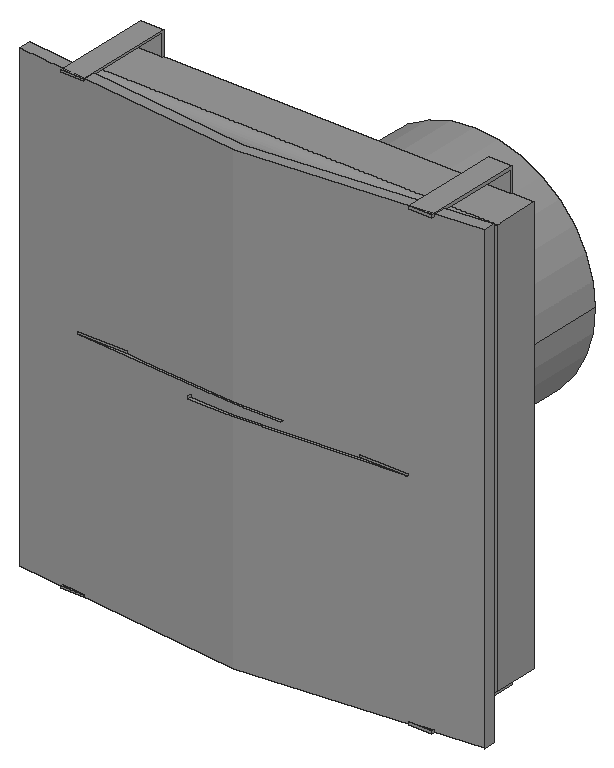
Revit family "Квайт-Стайл 100_Eng", category Mechanical Equipment, Revit 2021
Family settings
  Round Connector Dimension = Use Diameter
  Classification = None
  Part Type = Normal
  Work Plane-Based = No
  Always vertical = Yes
  Cut with Voids When Loaded = No
  Shared = No
  Room Calculation Point = No
Parameters (values of type "Quiet-Style 100")
  Width = B  # 200 mm
  Weight = 0.66 kg
  Voltage = 230 V
  Sound pressure level at 3 m distance = "26 dBA"
  Pressure_Static_Air [instance] = 0.0 Pa
  Power = 7.5 W
  Number of Fase = 1
  Maximum Air Flow = 90.0 m³/h
  Load Classification = "HVAC"
  Length = L  # 130 mm
  Height = B  # 200 mm
  Frequency = 50 Hz
  Diameter = D  # 99 mm
  Default Elevation = 0 mm
  Manufacturer = "Vents"  # constant formula
  URL = "https://ventilation-system.com/modification/vents-quietstyle-100"
  Maintenance zone material = none
  L2 = L - L1  # 81 mm
  L1 = 49 mm
  L = 130 mm
  Dn = D + 4 mm  # 103 mm
  D = 99 mm
  Casing Material = Plastic, white
  B = 200 mm
  Apparent Load = Voltage * Amperage  # 11.5 W
  Amperage = 0.05 A
  Air Flow [instance] = 0.0 m³/h
  09_System_Name [instance] = ""
  00_20_Type = "Quiet-Style 100"
  00_20_Name = "Intellectual axial low-noise and energy saving fan"  # constant formula
  00_20_Manufacturer = "Vents"  # constant formula
Reference planes
  plane 1 "По центру (Вперед/Назад)": y = 0
  plane 2: z = 0
  plane 3 "По центру (Влево/Вправо)": x = 0
Forms (mm)
  Extrusion 1, solid, material "Plastic, white" <- "Casing Material"
    sketch origin (0, 0, 0) x (1, 0, 0) y (0, 0, 1)
      loop
        circle (0, 0) r 49.5
      loop
        circle (0, 0) r 51.5
    from -81 to 0
Dimensions and locks
  "L2": plane 1 "По центру (Вперед/Назад)" to Extrusion 1
  "L2": plane 1 "По центру (Вперед/Назад)" to nested 1
  "D": diameter of Extrusion 1 sketch curve
  "Dn": diameter of Extrusion 1 sketch curve
  aligned and locked: level to plane 2
  aligned and locked: level to nested 1
  aligned and locked: nested 1 to plane 3 "По центру (Влево/Вправо)"
  aligned and locked: plane 1 "По центру (Вперед/Назад)" to Extrusion 1
  aligned and locked: plane 1 "По центру (Вперед/Назад)" to nested 2
  aligned and locked: plane 3 "По центру (Влево/Вправо)" to nested 2
Automatic sketch dimensions
  Extrusion 1 sketch curve to Extrusion 1 sketch curve = 0 mm  (x2)
  Extrusion 1 sketch curve to level = 0 mm
  Extrusion 1 sketch curve to plane 3 "По центру (Влево/Вправо)" = 0 mm
Nested families
  nested 1: "Fan" at (0, 72.445, 0) x (-1, 0, 0) z (0, -1, 0), type "Fan"
    with R 49.5 mm, Dy 99 mm
  nested 2: "Panel" at (0, 0, 0), type "Neckline"
    with Вырез yes
Connectors
  hvac at (0, 81, 0), driven by "D"
    settings: on Extrusion 1, index 1, duct flow 0.0 m³/h, flow factor 0, pres drop 0.0 Pa, loss coef 0, conn angle 0.00°, conn width 304.8 mm, conn height 304.8 mm, conn diameter 99 mm, duct sys type 3, conn prof type 0, flow config 0, flow direction 2, loss method 0, conn ref index -1, conn util no, is conn primary yes, conn desc ""
  electrical at (0, 81, 0), driven by "Voltage", driven by "Apparent Load"
    settings: on Extrusion 1, index 2, voltage 230 V, apparent load 11.5 W, apparent load phase1 0 W, apparent load phase2 0 W, apparent load phase3 0 W, power factor 1, load classification "Прочее", number of poles 1, system type 30, power factor state 1, is connector primary yes, connector utility no, sub classification motor no, connector description ""
Definition of nested family "Fan"
  Parameters (values of type "Вентилятор")
    Default Elevation = 0 mm
    n = 10
    R = Dy / 2  # 47.5 mm
    Dy = 95 mm
  Reference planes
    plane 1 "По центру (Вперед/Назад)": y = 0
    plane 2: z = 0
    plane 3 "По центру (Влево/Вправо)": x = 0
  Forms (mm)
    Extrusion 1, solid
      sketch origin (5, 0, 0) x (1, 0, 0) y (0, 0, 1)
        loop
          arc (-1.417, 0) -> (-5.784, 15.673) -> (-3.327, 31.756) r 38.725
          arc (-3.327, 31.756) -> (-13.26, 17.281) -> (-10.167, 0) r 23.13
          line (-10.167, 0) -> (-1.417, 0)
      from 17.36 to 47.5 <- "R"
    Extrusion 2, solid
      sketch origin (4.045, -2.939, 0) x (0.809017, -0.587785, 0) y (0, 0, 1)
        loop
          arc (-1.417, 0) -> (-5.784, 15.673) -> (-3.327, 31.756) r 38.725
          arc (-3.327, 31.756) -> (-13.26, 17.281) -> (-10.167, 0) r 23.13
          line (-10.167, 0) -> (-1.417, 0)
      from 17.36 to 47.5 <- "R"
    Extrusion 3, solid
      sketch origin (4.045, 2.939, 0) x (0.809017, 0.587785, 0) y (0, 0, 1)
        loop
          arc (-1.417, 0) -> (-5.784, 15.673) -> (-3.327, 31.756) r 38.725
          arc (-3.327, 31.756) -> (-13.26, 17.281) -> (-10.167, 0) r 23.13
          line (-10.167, 0) -> (-1.417, 0)
      from 17.36 to 47.5 <- "R"
    Extrusion 4, solid
      sketch origin (1.545, 4.755, 0) x (0.309017, 0.951057, 0) y (0, 0, 1)
        loop
          arc (-1.417, 0) -> (-5.784, 15.673) -> (-3.327, 31.756) r 38.725
          arc (-3.327, 31.756) -> (-13.26, 17.281) -> (-10.167, 0) r 23.13
          line (-10.167, 0) -> (-1.417, 0)
      from 17.36 to 47.5 <- "R"
    Extrusion 5, solid
      sketch origin (-1.545, 4.755, 0) x (-0.309017, 0.951057, 0) y (0, 0, 1)
        loop
          arc (-1.417, 0) -> (-5.784, 15.673) -> (-3.327, 31.756) r 38.725
          arc (-3.327, 31.756) -> (-13.26, 17.281) -> (-10.167, 0) r 23.13
          line (-10.167, 0) -> (-1.417, 0)
      from 17.36 to 47.5 <- "R"
    Extrusion 6, solid
      sketch origin (-4.045, 2.939, 0) x (-0.809017, 0.587785, 0) y (0, 0, 1)
        loop
          arc (-1.417, 0) -> (-5.784, 15.673) -> (-3.327, 31.756) r 38.725
          arc (-3.327, 31.756) -> (-13.26, 17.281) -> (-10.167, 0) r 23.13
          line (-10.167, 0) -> (-1.417, 0)
      from 17.36 to 47.5 <- "R"
    Extrusion 7, solid
      sketch origin (-5, 0, 0) x (-1, 0, 0) y (0, 0, 1)
        loop
          arc (-1.417, 0) -> (-5.784, 15.673) -> (-3.327, 31.756) r 38.725
          arc (-3.327, 31.756) -> (-13.26, 17.281) -> (-10.167, 0) r 23.13
          line (-10.167, 0) -> (-1.417, 0)
      from 17.36 to 47.5 <- "R"
    Extrusion 8, solid
      sketch origin (-4.045, -2.939, 0) x (-0.809017, -0.587785, 0) y (0, 0, 1)
        loop
          arc (-1.417, 0) -> (-5.784, 15.673) -> (-3.327, 31.756) r 38.725
          arc (-3.327, 31.756) -> (-13.26, 17.281) -> (-10.167, 0) r 23.13
          line (-10.167, 0) -> (-1.417, 0)
      from 17.36 to 47.5 <- "R"
    Revolve 9, solid
      sketch origin (0, 0, 0) x (1, 0, 0) y (0, 0, 1)
        loop
          line (0, -8.555) -> (20, -8.555) -> (20, 33.086)
          arc (20, 33.086) -> (10.356, 37.118) -> (0, 38.543) r 40.436
          line (0, 38.543) -> (0, -8.555)
        axis (0, 38.543) -> (0, -8.555)
      angle from 0 to 360
    Extrusion 10, solid
      sketch origin (-1.545, -4.755, 0) x (-0.309017, -0.951057, 0) y (0, 0, 1)
        loop
          arc (-1.417, 0) -> (-5.784, 15.673) -> (-3.327, 31.756) r 38.725
          arc (-3.327, 31.756) -> (-13.26, 17.281) -> (-10.167, 0) r 23.13
          line (-10.167, 0) -> (-1.417, 0)
      from 17.36 to 47.5 <- "R"
    Extrusion 11, solid
      sketch origin (1.545, -4.755, 0) x (0.309017, -0.951057, 0) y (0, 0, 1)
        loop
          arc (-1.417, 0) -> (-5.784, 15.673) -> (-3.327, 31.756) r 38.725
          arc (-3.327, 31.756) -> (-13.26, 17.281) -> (-10.167, 0) r 23.13
          line (-10.167, 0) -> (-1.417, 0)
      from 17.36 to 47.5 <- "R"
  Dimensions and locks
    aligned and locked: level to plane 2
  Automatic sketch dimensions
    Extrusion 1 sketch curve to Extrusion 1 sketch curve = 8.75 mm
    Extrusion 1 sketch curve to Extrusion 1 sketch curve = 10.768 mm
    Extrusion 1 sketch curve to Extrusion 1 sketch curve = 23.52 mm
    Extrusion 1 sketch curve to Extrusion 1 sketch curve = 12.411 mm
    Extrusion 1 sketch curve to Extrusion 1 sketch curve = 5.588 mm
    Extrusion 2 sketch curve to Extrusion 2 sketch curve = 8.75 mm
    Extrusion 2 sketch curve to Extrusion 2 sketch curve = 10.768 mm
    Extrusion 2 sketch curve to Extrusion 2 sketch curve = 23.52 mm
    Extrusion 2 sketch curve to Extrusion 2 sketch curve = 12.411 mm
    Extrusion 2 sketch curve to Extrusion 2 sketch curve = 5.588 mm
    Extrusion 3 sketch curve to Extrusion 3 sketch curve = 8.75 mm
    Extrusion 3 sketch curve to Extrusion 3 sketch curve = 10.768 mm
    Extrusion 3 sketch curve to Extrusion 3 sketch curve = 23.52 mm
    Extrusion 3 sketch curve to Extrusion 3 sketch curve = 12.411 mm
    Extrusion 3 sketch curve to Extrusion 3 sketch curve = 5.588 mm
    Extrusion 4 sketch curve to Extrusion 4 sketch curve = 8.75 mm
    Extrusion 4 sketch curve to Extrusion 4 sketch curve = 10.768 mm
    Extrusion 4 sketch curve to Extrusion 4 sketch curve = 23.52 mm
    Extrusion 4 sketch curve to Extrusion 4 sketch curve = 12.411 mm
    Extrusion 4 sketch curve to Extrusion 4 sketch curve = 5.588 mm
    Extrusion 5 sketch curve to Extrusion 5 sketch curve = 8.75 mm
    Extrusion 5 sketch curve to Extrusion 5 sketch curve = 10.768 mm
    Extrusion 5 sketch curve to Extrusion 5 sketch curve = 23.52 mm
    Extrusion 5 sketch curve to Extrusion 5 sketch curve = 12.411 mm
    Extrusion 5 sketch curve to Extrusion 5 sketch curve = 5.588 mm
    Extrusion 6 sketch curve to Extrusion 6 sketch curve = 8.75 mm
    Extrusion 6 sketch curve to Extrusion 6 sketch curve = 10.768 mm
    Extrusion 6 sketch curve to Extrusion 6 sketch curve = 23.52 mm
    Extrusion 6 sketch curve to Extrusion 6 sketch curve = 12.411 mm
    Extrusion 6 sketch curve to Extrusion 6 sketch curve = 5.588 mm
    Extrusion 7 sketch curve to Extrusion 7 sketch curve = 8.75 mm
    Extrusion 7 sketch curve to Extrusion 7 sketch curve = 10.768 mm
    Extrusion 7 sketch curve to Extrusion 7 sketch curve = 23.52 mm
    Extrusion 7 sketch curve to Extrusion 7 sketch curve = 12.411 mm
    Extrusion 7 sketch curve to Extrusion 7 sketch curve = 5.588 mm
    Extrusion 8 sketch curve to Extrusion 8 sketch curve = 8.75 mm
    Extrusion 8 sketch curve to Extrusion 8 sketch curve = 10.768 mm
    Extrusion 8 sketch curve to Extrusion 8 sketch curve = 23.52 mm
    Extrusion 8 sketch curve to Extrusion 8 sketch curve = 12.411 mm
    Extrusion 8 sketch curve to Extrusion 8 sketch curve = 5.588 mm
    Revolve 9 sketch curve to plane 3 "По центру (Влево/Вправо)" = 0 mm  (x2)
    Revolve 9 sketch curve to plane 3 "По центру (Влево/Вправо)" = 0.288 mm
    plane 3 "По центру (Влево/Вправо)" to Revolve 9 sketch curve = 20 mm
    Revolve 9 sketch curve to level = 8.555 mm
    Revolve 9 sketch curve to level = 1.892 mm
    level to Revolve 9 sketch curve = 33.086 mm
    Revolve 9 sketch curve to Revolve 9 sketch curve = 3.543 mm
    Revolve 9 sketch curve to Revolve 9 sketch curve = 1.457 mm
    Extrusion 10 sketch curve to Extrusion 10 sketch curve = 8.75 mm
    Extrusion 10 sketch curve to Extrusion 10 sketch curve = 10.768 mm
    Extrusion 10 sketch curve to Extrusion 10 sketch curve = 23.52 mm
    Extrusion 10 sketch curve to Extrusion 10 sketch curve = 12.411 mm
    Extrusion 10 sketch curve to Extrusion 10 sketch curve = 5.588 mm
    Extrusion 11 sketch curve to Extrusion 11 sketch curve = 8.75 mm
    Extrusion 11 sketch curve to Extrusion 11 sketch curve = 10.768 mm
    Extrusion 11 sketch curve to Extrusion 11 sketch curve = 23.52 mm
    Extrusion 11 sketch curve to Extrusion 11 sketch curve = 12.411 mm
    Extrusion 11 sketch curve to Extrusion 11 sketch curve = 5.588 mm
Definition of nested family "Panel"
  Parameters (values of type "Вырез")
    Default Elevation = 0 mm
    Вырез [instance] = yes
    b = B / 2  # 100 mm
    T2 = T - 5 mm  # 44 mm
    Casing Material = none
    T1 = T / 2  # 24.5 mm
    T = 49 mm
    H1 = B - 20 mm  # 180 mm
    H = 200 mm
    Grid Material = none
    Dy = 99 mm
    B2 = B / 2 - 30 mm  # 70 mm
    B1 = B - 20 mm  # 180 mm
    B = 200 mm
  Reference planes
    plane 1 "По центру (Вперед/Назад)": y = 0
    plane 2: z = 0
    plane 3 "По центру (Влево/Вправо)": x = 0
    plane 4 "Габарит": y = -49
  Forms (mm)
    Extrusion 1, solid, material <- "Casing Material"
      sketch origin (0, 0, 0) x (1, 0, 0) y (0, 0, 1)
        loop
          line (-90, -90) -> (90, -90) -> (90, 90) -> (-90, 90) -> (-90, -90)
        loop
          circle (0, 0) r 49.5
      from 0 to 24.5 <- "T1"
    Sweep 2, void
      path in 3D
        loop
          line (-90, -24.5, 90) -> (-90, -24.5, -90) -> (90, -24.5, -90) -> (90, -24.5, 90) -> (-90, -24.5, 90)
      profile origin (0, -24.5, 90) x (0, -1, 0) y (0, 0, 1)
        loop
          line (0, 0) -> (-5, 0)
          arc (-5, 0) -> (-1.464, -1.464) -> (0, -5) r 5
          line (0, -5) -> (0, 0)
    Revolve 3, solid, material <- "Grid Material"
      sketch origin (0, 0, 0) x (0, 1, 0) y (0, 0, 1)
        loop
          arc (-24.5, 64.46) -> (-36.724, 33.255) -> (-40.884, 0) r 135
          line (-40.884, 0) -> (-39.884, 0)
          arc (-39.884, 0) -> (-35.981, 32.104) -> (-24.5, 62.339) r 134
          line (-24.5, 62.339) -> (-24.5, 64.46)
        axis (-24.5, 0) -> (-40.884, 0)
      angle from 0 to 360
    Extrusion 4, solid, material <- "Casing Material"
      sketch origin (0, 0, 0) x (0, 1, 0) y (0, 0, 1)
        loop
          line (-42.169, 100) -> (-42.169, 99) -> (0, 99) -> (0, 70) -> (1, 70) -> (1, 100) -> (-42.169, 100)
      from 70 to 79.95
    Extrusion 5, solid, material <- "Casing Material"
      sketch origin (0, 0, 0) x (0, 1, 0) y (0, 0, 1)
        loop
          line (-42.169, 100) -> (-42.169, 99) -> (0, 99) -> (0, 70) -> (1, 70) -> (1, 100) -> (-42.169, 100)
      from -80 to -70
    Extrusion 6, solid, material <- "Casing Material"
      sketch origin (0, 0, 0) x (0, 1, 0) y (0, 0, 1)
        loop
          line (-42.169, -99) -> (-42.169, -100) -> (1, -100) -> (1, -70) -> (0, -70) -> (0, -99) -> (-42.169, -99)
      from 70 to 80
    Extrusion 7, solid, material <- "Casing Material"
      sketch origin (0, 0, 0) x (0, 1, 0) y (0, 0, 1)
        loop
          line (-42.169, -99) -> (-42.169, -100) -> (1, -100) -> (1, -70) -> (0, -70) -> (0, -99) -> (-42.169, -99)
      from -80 to -70
    Extrusion 8, solid, material <- "Casing Material"
      sketch origin (0, 0, 0) x (1, 0, 0) y (0, 1, 0)
        loop
          arc (-100, -39) -> (0, -49) -> (100, -39) r 505
          line (100, -39) -> (100, -33.898)
          arc (100, -33.898) -> (0, -44) -> (-100, -33.898) r 500
          line (-100, -33.898) -> (-100, -39)
      from -100 to 100
    Extrusion 9, void
      sketch origin (0, 0, 0) x (0, 1, 0) y (0, 0, 1)
        loop
          line (-44, 2) -> (-44, 3) -> (-49, 3) -> (-49, 2) -> (-44, 2)
      from -100 to 20
    Extrusion 10, void
      sketch origin (0, 0, 0) x (0, 1, 0) y (0, 0, 1)
        loop
          line (-44, -3) -> (-44, -2) -> (-49, -2) -> (-49, -3) -> (-44, -3)
      from -20 to 100
  Cuts and joins
    Sweep 2 cuts Extrusion 1
    Extrusion 9, Extrusion 10 cuts Extrusion 8
  Lines and regions (mm)
    sketch lines
      curve 1: line (90, -24.5, 90) -> (-90, -24.5, 90)
      curve 2: line (-90, -24.5, 90) -> (-90, -24.5, -90)
      curve 3: line (90, -24.5, -90) -> (90, -24.5, 90)
      curve 4: line (-90, -24.5, -90) -> (90, -24.5, -90)
  Dimensions and locks
    "H1": Extrusion 1 sketch curve to Extrusion 1 sketch curve
    equal spacing: Extrusion 1 sketch curve, plane 3 "По центру (Влево/Вправо)", Extrusion 1 sketch curve
    "B1": Extrusion 1 sketch curve to Extrusion 1 sketch curve
    "T": plane 4 "Габарит" to plane 1 "По центру (Вперед/Назад)"
    equal spacing: Extrusion 1 sketch curve, level, Extrusion 1 sketch curve
    locked: Extrusion 4 sketch curve to Extrusion 4 sketch curve at 1  (x2)
    "b": Extrusion 4 sketch curve to level
    "B2": plane 3 "По центру (Влево/Вправо)" to Extrusion 4
    locked: Extrusion 4 to Extrusion 4 at 9.95
    "B2": Extrusion 4 sketch curve to level
    "B2": level to Extrusion 5 sketch curve
    "b": Extrusion 5 sketch curve to level
    locked: Extrusion 5 sketch curve to Extrusion 5 sketch curve at 1  (x2)
    "B2": Extrusion 5 to plane 3 "По центру (Влево/Вправо)"
    locked: Extrusion 5 to Extrusion 5 at 10
    locked: Extrusion 6 sketch curve to Extrusion 6 sketch curve at 1  (x2)
    "B2": level to Extrusion 6 sketch curve
    "b": level to Extrusion 6 sketch curve
    locked: Extrusion 7 sketch curve to Extrusion 7 sketch curve at 1  (x2)
    "B2": level to Extrusion 7 sketch curve
    "b": level to Extrusion 7 sketch curve
    locked: Extrusion 7 to Extrusion 7 at 10
    "B2": Extrusion 7 to plane 3 "По центру (Влево/Вправо)"
    "B2": plane 3 "По центру (Влево/Вправо)" to Extrusion 6
    locked: Extrusion 6 to Extrusion 6 at 10
    equal spacing: Extrusion 8 sketch curve, plane 3 "По центру (Влево/Вправо)", Extrusion 8 sketch curve
    "B": Extrusion 8 sketch curve to Extrusion 8 sketch curve
    locked: Extrusion 9 sketch curve to Extrusion 9 sketch curve at 1
    "T2": plane 1 "По центру (Вперед/Назад)" to Extrusion 9 sketch curve
    locked: Extrusion 9 sketch curve to level at 2
    locked: Extrusion 10 sketch curve to Extrusion 10 sketch curve at 1
    level to Extrusion 10 sketch curve = 2 mm
    "T2": plane 1 "По центру (Вперед/Назад)" to Extrusion 10 sketch curve
    "Dy": diameter of Extrusion 1 sketch curve
    aligned and locked: level to plane 2
    aligned and locked: plane 1 "По центру (Вперед/Назад)" to Extrusion 5 sketch curve
    aligned and locked: plane 1 "По центру (Вперед/Назад)" to Extrusion 4 sketch curve
    aligned and locked: Extrusion 6 sketch curve to plane 1 "По центру (Вперед/Назад)"
    aligned and locked: Extrusion 7 sketch curve to plane 1 "По центру (Вперед/Назад)"
    aligned and locked: Extrusion 9 sketch curve to plane 4 "Габарит"
    aligned and locked: Extrusion 10 sketch curve to plane 4 "Габарит"
  Automatic sketch dimensions
    Sweep 2 sketch curve to profile plane = 0 mm  (x2)
    Sweep 2 sketch curve to Sweep 2 sketch curve = 5 mm
    Revolve 3 sketch curve to Revolve 3 sketch curve = 0 mm  (x2)
    Revolve 3 sketch curve to level = 0 mm  (x2)
    plane 4 "Габарит" to Revolve 3 sketch curve = 8.116 mm
    Revolve 3 sketch curve to Revolve 3 sketch curve = 1 mm
    plane 1 "По центру (Вперед/Назад)" to Revolve 3 sketch curve = 24.5 mm
    Revolve 3 sketch curve to plane 1 "По центру (Вперед/Назад)" = 94.116 mm
    Revolve 3 sketch curve to plane 4 "Габарит" = 5.5 mm
    Revolve 3 sketch curve to Revolve 3 sketch curve = 10.384 mm
    Extrusion 1 sketch curve to level = 0 mm
    Extrusion 1 sketch curve to plane 3 "По центру (Влево/Вправо)" = 0 mm
    plane 4 "Габарит" to Extrusion 4 sketch curve = 6.831 mm
    plane 4 "Габарит" to Extrusion 5 sketch curve = 6.831 mm
    plane 4 "Габарит" to Extrusion 6 sketch curve = 6.831 mm
    plane 4 "Габарит" to Extrusion 7 sketch curve = 6.831 mm
    Extrusion 8 sketch curve to Extrusion 8 sketch curve = 0 mm  (x2)
    Extrusion 8 sketch curve to plane 3 "По центру (Влево/Вправо)" = 0 mm
    plane 4 "Габарит" to Extrusion 8 sketch curve = 10 mm
    Extrusion 8 sketch curve to Extrusion 8 sketch curve = 5.102 mm
    Extrusion 8 sketch curve to plane 1 "По центру (Вперед/Назад)" = 456 mm
